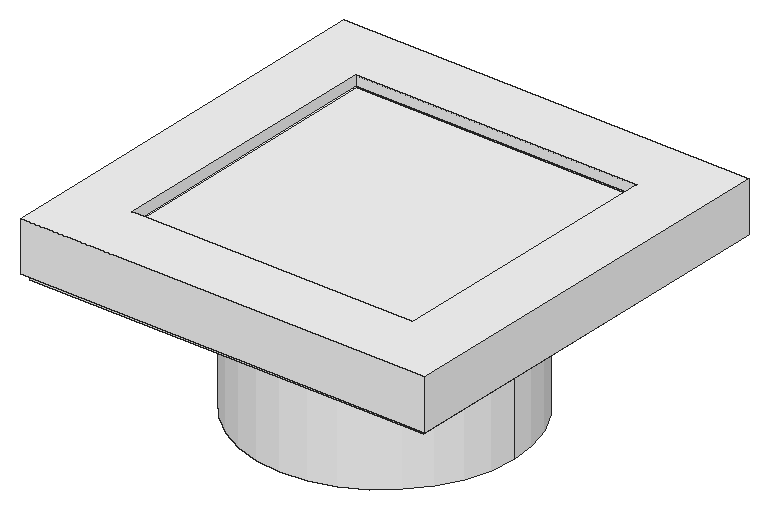
Revit family "Gira_029627", category Electrical Fixtures, host Face, Revit 2017
Family settings
  Host = Face
  Maintain Annotation Orientation = Yes
  Round Connector Dimension = Use Diameter
  Part Type = Normal
  Cut with Voids When Loaded = No
  Shared = No
  Room Calculation Point = No
Parameters (values of type "Rocker System 55 p.white m")
  With exchangeable lens/symbol = "No"
  White [instance] = White
  URL = "http://katalog.gira.de/en/datenblatt.html?artikelnr=029627"
  Suitable for touch sensor connector for bus system = "Yes"
  Scannable symbol / barrier free = "No"
  Name = "Rocker System 55 p.white m"
  Monitoring window/light outlet = "No"
  Model = "Single rocker"
  Manufacturer URL = "https://www.gira.de/"
  Manufacturer = "Gira"
  HeinzeBIM = "https://bimportal.heinze.de/bim/rocker-system-55-p-white-m/580772c6a42410ca84c9aea5a6ed972272acb4bf"
  HAN = "029627"
  GTIN = "4010337296270"
  Description = "Rock. Sys55 PWm,Rocker,,pure white matt,"
  Default Elevation = 1219.2 mm
  Data sheet (1) = "https://katalog.gira.de/en/download.html?artikelnr=029627"
  Category = "Control element/cover plate for domestic switching devices"
  BIM (1) = "https://media.stage.bim.site/public/gira/36a6b08/Sys55_Komplettgerät_Schalten und Tasten.rfa?public/gira/36a6b08/Sys55_Komplettgerät_Schalten und Tasten.rfa"
  Available = "No"
Reference planes
  plane 1 "Center (Front/Back)": y = 0
  plane 2: z = 0
  plane 3 "Center (Left/Right)": x = 0
Forms (mm)
  Extrusion 1, solid, material "White" <- "White", detail levels medium
    sketch origin (0, 0, 0) x (1, 0, 0) y (0, 1, 0)
      loop
        line (-40.4, 40.4) -> (-40.4, -40.4) -> (40.4, -40.4) -> (40.4, 40.4) -> (-40.4, 40.4)
      loop
        line (-28, 28) -> (-28, -28) -> (28, -28) -> (28, 28) -> (-28, 28)
    from 0 to 10
  Extrusion 2, solid, material "White" <- "White", detail levels fine
    sketch origin (0, 0, 0) x (1, 0, 0) y (0, 1, 0)
      loop
        line (-40.4, 40.4) -> (-40.4, -40.4) -> (40.4, -40.4) -> (40.4, 40.4) -> (-40.4, 40.4)
      loop
        line (-28, 28) -> (-28, -28) -> (28, -28) -> (28, 28) -> (-28, 28)
    from 0 to 10
  Extrusion 3, void
    sketch origin (0, 0, 0) x (1, 0, 0) y (0, 1, 0)
      loop
        line (-38.4, 38.4) -> (-38.4, -38.4) -> (38.4, -38.4) -> (38.4, 38.4) -> (-38.4, 38.4)
    from 0 to 8
  Extrusion 4, solid, material "White" <- "White", detail levels medium+fine
    sketch origin (0, 0, 0) x (1, 0, 0) y (0, 1, 0)
      loop
        line (-39.4, 39.4) -> (-39.4, -39.4) -> (39.4, -39.4) -> (39.4, 39.4) -> (-39.4, 39.4)
    from 0 to -1
  Extrusion 5, solid, material "White" <- "White", detail levels medium+fine
    sketch origin (0, 0, 0) x (1, 0, 0) y (0, 1, 0)
      loop
        line (-35.5, 35.5) -> (-35.5, -35.5) -> (35.5, -35.5) -> (35.5, 35.5) -> (-35.5, 35.5)
    from -2 to -3
  Extrusion 6, solid, material "White" <- "White", detail levels medium+fine
    sketch origin (0, 0, 0) x (1, 0, 0) y (0, 1, 0)
      loop
        circle (0, 0) r 26
    from 0 to -27.5
  Extrusion 7, solid, material "White" <- "White", detail levels coarse
    sketch origin (0, 0, 0) x (1, 0, 0) y (0, 1, 0)
      loop
        line (-40.4, 40.4) -> (-40.4, -40.4) -> (40.4, -40.4) -> (40.4, 40.4) -> (-40.4, 40.4)
    from -27.5 to 10
Cuts and joins
  Extrusion 3 cuts Extrusion 2
Dimensions and locks
  aligned and locked: plane 2 to host face
  aligned and locked: level to host face
  aligned and locked: plane 3 "Center (Left/Right)" to nested 2
  aligned and locked: plane 1 "Center (Front/Back)" to nested 2
Nested families
  nested 1: "Sys55_Abdeckung_Schalten und Tasten_floor_base" at (0, 0, 0), type "Sys55_Abdeckung_Schalten und Tasten_floor_base"
  nested 2: "Schalter" at (0, 0, 0), type "Schalter"
Connectors
  electrical at (0, 0, -27.5)
    settings: on Extrusion 6, index 1, voltage 220 V, apparent load 0 VA, apparent load phase1 0 VA, apparent load phase2 0 VA, apparent load phase3 0 VA, power factor 1, load classification "Other", number of poles 1, system type 30, power factor state 1, is connector primary yes, connector utility no, sub classification motor no, connector description ""
Definition of nested family "Sys55_Abdeckung_Schalten und Tasten_floor_base"
  Parameters
    Default Elevation = 1219.2 mm
    White [instance] = none
  Reference planes
    plane 1 "Center (Front/Back)": y = 0
    plane 2: z = 0
    plane 3 "Center (Left/Right)": x = 0
  Forms (mm)
    Extrusion 1, solid
      sketch origin (0, 0, 0) x (1, 0, 0) y (0, 1, 0)
        loop
          line (-1219.2, 1219.2) -> (-1219.2, -1219.2) -> (1219.2, -1219.2) -> (1219.2, 1219.2) -> (-1219.2, 1219.2)
      from 0 to -304.8
    Extrusion 2, solid, material <- "White", detail levels fine
      sketch origin (0, 0, 0) x (1, 0, 0) y (0, 1, 0)
        loop
          line (-27.5, 27.5) -> (-27.5, -27.5) -> (27.5, -27.5) -> (27.5, 27.5) -> (-27.5, 27.5)
      from 0 to 8
    Extrusion 3, void
      sketch origin (0, 0, 0) x (1, 0, 0) y (0, 1, 0)
        loop
          line (26, 26) -> (-26, 26) -> (-26, -26) -> (26, -26) -> (26, 26)
      from 0 to 6
    Extrusion 4, solid, material <- "White", detail levels medium
      sketch origin (0, 0, 0) x (1, 0, 0) y (0, 1, 0)
        loop
          line (-27.5, 27.5) -> (-27.5, -27.5) -> (27.5, -27.5) -> (27.5, 27.5) -> (-27.5, 27.5)
      from 0 to 8
    Extrusion 5, solid, material <- "White", detail levels medium
      sketch origin (0, 0, 0) x (1, 0, 0) y (0, 1, 0)
        loop
          line (11, -17.5) -> (11, 17.5) -> (-11, 17.5) -> (-11, -17.5) -> (11, -17.5)
      from -6 to 6
    Extrusion 6, solid, material <- "White", detail levels fine
      sketch origin (0, 0, 0) x (1, 0, 0) y (0, 1, 0)
        loop
          line (11, 17.5) -> (-11, 17.5) -> (-11, 16.5) -> (11, 16.5) -> (11, 17.5)
        loop
          line (-11, -16.5) -> (-11, -17.5) -> (11, -17.5) -> (11, -16.5) -> (-11, -16.5)
      from -4 to 6
    Extrusion 7, solid, material <- "White", detail levels fine
      sketch origin (0, 0, 0) x (1, 0, 0) y (0, 1, 0)
        loop
          arc (5, 9.347) -> (0, 10.6) -> (-5, 9.347) r 10.6
          line (-5, 9.347) -> (-5, -9.347)
          arc (-5, -9.347) -> (0, -10.6) -> (5, -9.347) r 10.6
          line (5, -9.347) -> (5, 9.347)
      from -6 to 6
    Extrusion 8, solid, material <- "White", detail levels coarse
      sketch origin (0, 0, 0) x (1, 0, 0) y (0, 1, 0)
        loop
          line (-27.5, 27.5) -> (-27.5, -27.5) -> (27.5, -27.5) -> (27.5, 27.5) -> (-27.5, 27.5)
      from -6 to 8
  Cuts and joins
    Extrusion 3 cuts Extrusion 2
  Dimensions and locks
    aligned and locked: plane 2 to Extrusion 1
    aligned and locked: level to Extrusion 1
Definition of nested family "Schalter"
  Reference planes
    plane 1: y = 0
    plane 2: x = 0
  Lines and regions (mm)
    detail lines
      curve 1: circle (1.375, 2.778, 0) r 0.8 normal (0, 0, 1)
      curve 2: line (1.021, 2.061, 0) -> (0, 0, 0)
      curve 3: line (0, 0, 0) -> (-0.538, 0.266, 0)
  Dimensions and locks
    curve 2 to curve 2 = 2.3 mm
    curve 3 to curve 2 = 0.6 mm
    radius of curve 1 = 0.8 mm
